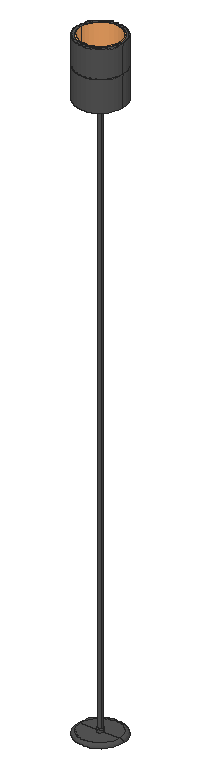
Revit family "MELO CYLINDER PENDANT LIGHT", category Lighting Fixtures, host Face, Revit 2020 (continued)
Types (16): name | Wattage_Input | Wattage Comments | Wattage | Voltage_Input | Size 08 | Size 06 | Size 04 | Selectable Wattage | Photometric Web File | Pendent Rod Length_1 | Pendent | Order number | built-in parameter 1150142 | Model | built-in parameter 1150105 | Lumens | built-in parameter 1150106 | Fixture Diameter | Canopy for Surface Mount J-box | Canopy for Recessed J-Box | Canopy Height | C2 H | C1 H | BEAMING ANGLE
  MELO08R-SP30801-10D-60-GD-BK | 58 W | "58W/44W/29W" | 40.3926 W | 0 V | yes | no | no | 58 W | "MELO08R_SP30801_10D_60.IES" | 4' - 0" | yes | "17302" | "IESNA:LM-63-2002\r\n[TEST] \r\n[TESTLAB] EVERFINE\r\n[TESTDATE] 2023-03-20\r\n[ISSUEDATE] 2023-03-22 09:17:43\r\n[NEARFIELD] \r\n[LAMPPOSITION] 0,0\r\n[OTHER] EVERFINE GO-2000B_V1 SYSTEM\r\n[MANUFAC] Aboveall lighting\r\n[LUMINAIRE] MELO08R-SP30801-10D-60\r\n[OTHER] \r\n[OTHER] Gamma(deg)    Fz(lm)      Ft(lm)     %Lum    %Lamp\r\n[OTHER]   0- 10       670.63      670.63    11.18    11.18\r\n[OTHER]  10- 20      1791.47     2462.10    41.03    41.03\r\n[OTHER]  20- 30      2167.14     4629.24    77.15    77.15\r\n[OTHER]  30- 40      1025.31     5654.55    94.23    94.23\r\n[OTHER]  40- 50       165.08     5819.63    96.98    96.98\r\n[OTHER]  50- 60        72.46     5892.09    98.19    98.19\r\n[OTHER]  60- 70        52.95     5945.04    99.07    99.07\r\n[OTHER]  70- 80        30.57     5975.61    99.58    99.58\r\n[OTHER]  80- 90         8.85     5984.46    99.73    99.73\r\n[OTHER]  90-100         0.21     5984.67    99.73    99.73\r\n[OTHER] 100-110         0.23     5984.89    99.74    99.74\r\n[OTHER] 110-120         0.31     5985.20    99.74    99.74\r\n[OTHER] 120-130         0.60     5985.80    99.75    99.75\r\n[OTHER] 130-140         1.77     5987.56    99.78    99.78\r\n[OTHER] 140-150         3.53     5991.09    99.84    99.84\r\n[OTHER] 150-160         4.37     5995.46    99.91    99.91\r\n[OTHER] 160-170         3.69     5999.15    99.98    99.98\r\n[OTHER] 170-180         1.46     6000.61   100.00   100.00\r\n[OTHER] \r\nTILT=NONE\r\n1 -1 1 181 25 1 2 -0.185 -0.185 0.000\r\n1.000 1 62.7\r\n0.0    1.0    2.0    3.0    4.0    5.0    6.0    7.0    8.0    9.0    \r\n 10.0   11.0   12.0   13.0   14.0   15.0   16.0   17.0   18.0   19.0   \r\n 20.0   21.0   22.0   23.0   24.0   25.0   26.0   27.0   28.0   29.0   \r\n 30.0   31.0   32.0   33.0   34.0   35.0   36.0   37.0   38.0   39.0   \r\n 40.0   41.0   42.0   43.0   44.0   45.0   46.0   47.0   48.0   49.0   \r\n 50.0   51.0   52.0   53.0   54.0   55.0   56.0   57.0   58.0   59.0   \r\n 60.0   61.0   62.0   63.0   64.0   65.0   66.0   67.0   68.0   69.0   \r\n 70.0   71.0   72.0   73.0   74.0   75.0   76.0   77.0   78.0   79.0   \r\n 80.0   81.0   82.0   83.0   84.0   85.0   86.0   87.0   88.0   89.0   \r\n 90.0   91.0   92.0   93.0   94.0   95.0   96.0   97.0   98.0   99.0   \r\n 100.0  101.0  102.0  103.0  104.0  105.0  106.0  107.0  108.0  109.0  \r\n 110.0  111.0  112.0  113.0  114.0  115.0  116.0  117.0  118.0  119.0  \r\n 120.0  121.0  122.0  123.0  124.0  125.0  126.0  127.0  128.0  129.0  \r\n 130.0  131.0  132.0  133.0  134.0  135.0  136.0  137.0  138.0  139.0  \r\n 140.0  141.0  142.0  143.0  144.0  145.0  146.0  147.0  148.0  149.0  \r\n 150.0  151.0  152.0  153.0  154.0  155.0  156.0  157.0  158.0  159.0  \r\n 160.0  161.0  162.0  163.0  164.0  165.0  166.0  167.0  168.0  169.0  \r\n 170.0  171.0  172.0  173.0  174.0  175.0  176.0  177.0  178.0  179.0  \r\n 180.0  \r\n0.0    15.0   30.0   45.0   60.0   75.0   90.0   105.0  120.0  135.0  \r\n 150.0  165.0  180.0  195.0  210.0  225.0  240.0  255.0  270.0  285.0  \r\n 300.0  315.0  330.0  345.0  360.0  \r\n7333.70  7290.86  7235.05  7168.79  7095.38  7021.62  6925.19  6827.07  6734.55  6652.88  \r\n 6582.11  6521.78  6459.70  6394.31  6320.90  6227.24  6120.99  6001.68  5865.35  5705.85  \r\n 5550.30  5377.92  5176.76  4949.01  4677.82  4369.57  4021.52  3644.98  3266.67  2901.91  \r\n 2544.35  2194.37  1873.07  1613.03  1391.67  1154.72  832.15   576.91   413.36   322.62   \r\n 268.15   231.88   205.60   185.74   169.33   154.88   141.83   128.78   112.10   99.30    \r\n 90.41    84.08    80.26    77.76    75.71    73.79    71.80    69.77    67.74    64.82    \r\n 62.41    60.00    57.53    55.06    52.58    50.03    47.51    44.95    42.40    39.89    \r\n 37.37    34.86    32.38    29.94    27.57    25.24    22.95    20.69    18.49    16.40    \r\n 14.33    12.30    10.39    8.48     6.64     4.87     3.17     1.54     0.23     0.18     \r\n 0.17     0.17     0.17     0.17     0.17     0.17     0.17     0.17     0.18     0.19     \r\n 0.19     0.21     0.22     0.22     0.22     0.22     0.23     0.24     0.24     0.25     \r\n 0.26     0.29     0.29     0.29     0.31     0.32     0.36     0.36     0.37     0.39     \r\n 0.45     0.46     0.51     0.61     0.65     0.74     0.83     0.96     1.10     1.26     \r\n 1.44     1.64     1.85     2.09     2.36     2.65     2.97     3.27     3.61     3.95     \r\n 4.32     4.69     5.06     5.44     5.83     6.23     6.60     6.98     7.36     7.74     \r\n 8.11     8.55     9.41     10.80    11.35    10.57    10.69    10.91    11.22    11.61    \r\n 12.00    12.37    12.75    13.12    13.45    13.79    14.08    14.35    14.59    14.79    \r\n 14.99    15.15    15.30    15.42    15.53    15.64    15.73    15.79    15.82    15.84    \r\n 15.84    \r\n7317.63  7285.73  7237.71  7174.60  7105.30  7027.44  6938.70  6841.03  6743.24  6656.60  \r\n 6585.11  6525.87  6469.48  6415.77  6347.27  6253.22  6139.36  6017.48  5891.59  5740.25  \r\n 5583.28  5421.44  5237.71  5022.63  4770.05  4476.19  4138.42  3777.03  3403.56  3042.88  \r\n 2682.31  2338.62  2006.58  1726.65  1502.81  1294.68  977.99   685.06   484.73   363.69   \r\n 306.08   248.66   217.50   194.89   176.66   161.09   147.11   134.58   120.26   103.99   \r\n 94.13    86.51    81.35    78.31    76.07    74.04    72.17    70.19    68.24    65.49    \r\n 62.96    60.60    58.14    55.72    53.22    50.74    48.23    45.70    43.19    40.66    \r\n 38.13    35.64    33.20    30.70    28.39    25.99    23.70    21.47    19.26    17.15    \r\n 15.05    13.02    11.07    9.21     7.35     5.58     3.87     2.18     0.64     0.15     \r\n 0.16     0.16     0.17     0.18     0.17     0.18     0.19     0.19     0.19     0.20     \r\n 0.21     0.21     0.22     0.23     0.24     0.24     0.25     0.26     0.27     0.27     \r\n 0.29     0.30     0.31     0.32     0.33     0.35     0.35     0.37     0.40     0.41     \r\n 0.44     0.47     0.51     0.57     0.64     0.72     0.80     0.92     1.04     1.19     \r\n 1.35     1.55     1.75     1.97     2.23     2.50     2.80     3.10     3.42     3.77     \r\n 4.13     4.49     4.86     5.25     5.62     6.02     6.40     6.77     7.16     7.54     \r\n 7.91     8.27     8.68     9.07     9.52     9.86     10.25    10.62    10.99    11.38    \r\n 11.77    12.16    12.55    12.93    13.29    13.63    13.93    14.22    14.45    14.67    \r\n 14.90    15.08    15.25    15.39    15.53    15.64    15.73    15.80    15.84    15.84    \r\n 15.84    \r\n7298.02  7274.07  7235.82  7178.18  7113.30  7039.63  6956.78  6864.92  6760.29  6673.32  \r\n 6597.81  6542.58  6488.52  6427.91  6364.41  6280.70  6183.44  6069.39  5947.17  5809.87  \r\n 5655.04  5498.61  5329.03  5133.04  4906.75  4627.13  4303.30  3948.53  3579.86  3202.58  \r\n 2838.30  2489.18  2143.99  1844.31  1593.44  1347.48  1101.56  787.91   547.95   400.00   \r\n 315.37   263.98   228.61   203.21   183.27   166.65   152.51   138.25   125.78   107.96   \r\n 97.20    88.33    82.41    78.87    76.43    74.28    72.32    70.27    68.29    66.10    \r\n 63.41    61.06    58.64    56.21    53.78    51.28    48.80    46.30    43.79    41.29    \r\n 38.81    36.32    33.86    31.44    29.07    26.72    24.46    22.17    19.98    17.86    \r\n 15.76    13.73    11.77    9.86     8.00     6.20     4.46     2.79     1.20     0.19     \r\n 0.17     0.17     0.17     0.17     0.17     0.17     0.17     0.17     0.17     0.17     \r\n 0.18     0.19     0.21     0.22     0.22     0.22     0.22     0.23     0.23     0.24     \r\n 0.25     0.28     0.29     0.29     0.30     0.30     0.32     0.35     0.36     0.37     \r\n 0.39     0.43     0.46     0.51     0.58     0.67     0.73     0.84     0.96     1.10     \r\n 1.26     1.44     1.64     1.85     2.09     2.36     2.65     2.96     3.27     3.61     \r\n 3.95     4.30     4.67     5.05     5.42     5.81     6.19     6.56     6.93     7.31     \r\n 7.68     8.04     8.43     8.80     9.18     9.58     9.99     10.37    10.77    11.17    \r\n 11.56    11.95    12.35    12.73    13.05    13.39    13.69    13.97    14.23    14.46    \r\n 14.70    14.89    15.08    15.24    15.40    15.52    15.64    15.73    15.78    15.82    \r\n 15.84    \r\n7282.25  7271.22  7244.97  7198.92  7146.17  7079.67  6999.92  6909.78  6814.31  6723.30  \r\n 6634.88  6576.19  6528.74  6476.49  6412.96  6349.75  6269.38  6163.13  6051.54  5921.85  \r\n 5773.86  5615.96  5455.05  5271.36  5061.93  4811.70  4519.25  4181.97  3824.80  3449.92  \r\n 3088.09  2726.37  2377.61  2044.48  1755.14  1514.34  1305.78  983.91   687.95   483.38   \r\n 364.85   306.56   248.46   217.01   193.91   175.69   159.94   146.10   133.56   119.37   \r\n 103.31   93.57    85.84    80.52    77.61    74.86    72.75    70.68    68.61    66.70    \r\n 64.37    62.00    59.58    57.22    54.77    52.35    49.89    47.41    44.95    42.46    \r\n 39.94    37.50    35.07    32.60    30.28    27.89    25.58    23.35    21.11    18.98    \r\n 16.84    14.81    12.79    10.92    9.03     7.21     5.49     3.77     2.15     0.59     \r\n 0.15     0.15     0.15     0.15     0.16     0.16     0.18     0.18     0.18     0.19     \r\n 0.20     0.20     0.21     0.21     0.22     0.23     0.24     0.24     0.25     0.26     \r\n 0.28     0.28     0.29     0.30     0.31     0.33     0.34     0.35     0.36     0.39     \r\n 0.41     0.43     0.47     0.50     0.57     0.64     0.71     0.80     0.91     1.03     \r\n 1.18     1.35     1.54     1.73     1.96     2.21     2.49     2.77     3.09     3.40     \r\n 3.74     4.09     4.44     4.81     5.18     5.56     5.94     6.33     6.70     7.08     \r\n 7.46     7.83     8.21     8.58     8.96     9.34     9.73     10.12    10.52    10.91    \r\n 11.29    11.69    12.09    12.48    12.85    13.19    13.53    13.85    14.13    14.39    \r\n 14.64    14.87    15.06    15.24    15.42    15.56    15.68    15.78    15.85    15.86    \r\n 15.84    \r\n7268.00  7266.25  7242.77  7211.56  7165.73  7101.14  7031.51  6950.58  6859.20  6768.17  \r\n 6678.08  6617.06  6565.28  6507.51  6449.20  6388.54  6308.36  6206.23  6091.18  5966.61  \r\n 5826.93  5679.10  5525.55  5348.50  5150.08  4915.32  4634.18  4308.40  3960.22  3586.93  \r\n 3205.85  2846.69  2498.57  2168.85  1869.36  1616.15  1394.88  1103.30  810.97   570.20   \r\n 415.39   328.10   273.73   236.30   209.35   188.27   171.03   155.91   141.88   127.86   \r\n 109.58   98.23    89.33    82.71    78.33    75.53    73.08    71.03    68.97    66.96    \r\n 64.85    62.42    60.05    57.67    55.27    52.84    50.40    47.95    45.49    43.04    \r\n 40.57    38.11    35.68    33.29    30.92    28.57    26.29    24.02    21.81    19.69    \r\n 17.56    15.49    13.53    11.57    9.71     7.84     6.08     4.38     2.74     1.16     \r\n 0.18     0.16     0.16     0.16     0.16     0.16     0.16     0.16     0.16     0.16     \r\n 0.17     0.18     0.19     0.21     0.21     0.21     0.22     0.22     0.22     0.23     \r\n 0.23     0.24     0.26     0.28     0.29     0.29     0.30     0.31     0.34     0.36     \r\n 0.37     0.39     0.44     0.46     0.51     0.58     0.66     0.73     0.83     0.95     \r\n 1.10     1.25     1.44     1.64     1.85     2.08     2.35     2.63     2.93     3.25     \r\n 3.57     3.93     4.27     4.64     5.00     5.39     5.77     6.16     6.54     6.92     \r\n 7.30     7.67     8.04     8.40     8.78     9.15     9.54     9.92     10.31    10.70    \r\n 11.10    11.48    11.91    12.31    12.68    13.05    13.40    13.73    14.03    14.34    \r\n 14.56    14.78    14.99    15.15    15.32    15.46    15.59    15.68    15.75    15.77    \r\n 15.84    \r\n7252.54  7260.02  7254.15  7227.96  7189.00  7140.95  7075.49  7007.07  6923.37  6837.98  \r\n 6746.10  6665.61  6599.32  6542.35  6476.49  6414.72  6338.22  6244.20  6135.14  6023.56  \r\n 5911.97  5778.17  5631.08  5469.22  5284.44  5058.45  4796.38  4494.04  4156.82  3805.65  \r\n 3421.02  3067.66  2714.43  2378.29  2057.06  1778.38  1553.22  1339.76  1020.75  728.99   \r\n 524.38   399.13   325.45   281.54   237.78   211.23   190.05   172.15   156.28   142.16   \r\n 126.28   108.94   98.12    88.86    82.22    77.40    74.44    71.84    69.83    67.89    \r\n 66.00    63.57    60.99    58.65    56.23    53.88    51.45    49.02    46.57    44.14    \r\n 41.67    39.25    36.84    34.38    32.06    29.68    27.38    25.14    22.88    20.74    \r\n 18.59    16.53    14.51    12.56    10.70    8.85     7.08     5.34     3.68     2.04     \r\n 0.55     0.14     0.14     0.14     0.14     0.15     0.16     0.17     0.17     0.18     \r\n 0.19     0.19     0.20     0.21     0.22     0.22     0.23     0.24     0.25     0.25     \r\n 0.26     0.27     0.28     0.28     0.30     0.31     0.33     0.34     0.35     0.37     \r\n 0.39     0.41     0.43     0.48     0.51     0.57     0.63     0.71     0.79     0.90     \r\n 1.02     1.17     1.34     1.52     1.72     1.94     2.20     2.46     2.74     3.05     \r\n 3.37     3.71     4.05     4.41     4.77     5.15     5.53     5.92     6.30     6.67     \r\n 7.05     7.41     7.79     8.16     8.54     8.91     9.31     9.69     10.09    10.49    \r\n 10.89    11.28    11.70    12.10    12.49    12.88    13.25    13.59    13.90    14.19    \r\n 14.47    14.70    14.91    15.07    15.23    15.36    15.50    15.60    15.68    15.72    \r\n 15.84    \r\n7471.12  7483.25  7477.88  7459.20  7424.02  7380.21  7321.29  7251.54  7177.70  7095.04  \r\n 6996.96  6904.26  6832.29  6768.22  6698.99  6628.19  6544.60  6448.71  6343.44  6236.02  \r\n 6119.21  5985.32  5833.02  5670.55  5478.54  5244.96  4983.22  4678.52  4346.69  3980.48  \r\n 3598.12  3229.82  2861.73  2513.93  2180.80  1892.80  1654.30  1433.43  1097.97  795.20   \r\n 569.43   434.28   353.86   306.08   258.49   229.21   206.03   186.37   169.12   153.80   \r\n 137.38   118.68   106.89   96.79    88.53    82.71    77.58    74.49    72.46    70.39    \r\n 68.46    65.81    63.11    60.68    58.21    55.70    53.20    50.72    48.20    45.66    \r\n 43.13    40.61    38.09    35.60    33.15    30.73    28.36    25.99    23.71    21.45    \r\n 19.29    17.14    15.09    13.05    11.10    9.22     7.38     5.60     3.87     2.19     \r\n 0.63     0.13     0.13     0.14     0.14     0.14     0.15     0.16     0.17     0.18     \r\n 0.18     0.19     0.19     0.21     0.21     0.22     0.22     0.23     0.24     0.25     \r\n 0.26     0.27     0.27     0.29     0.30     0.31     0.32     0.33     0.35     0.36     \r\n 0.39     0.41     0.43     0.46     0.50     0.55     0.62     0.71     0.80     0.92     \r\n 1.04     1.21     1.38     1.58     1.80     2.06     2.32     2.63     2.94     3.28     \r\n 3.64     4.01     4.37     4.77     5.16     5.56     5.96     6.37     6.76     7.16     \r\n 7.54     7.94     8.32     8.69     9.07     9.44     9.82     10.19    10.56    10.94    \r\n 11.30    11.69    12.09    12.48    12.85    13.21    13.57    13.92    14.23    14.52    \r\n 14.78    15.01    15.22    15.39    15.57    15.70    15.86    15.98    16.06    16.12    \r\n 15.84    \r\n7443.71  7459.49  7461.02  7448.80  7423.77  7386.04  7328.39  7258.81  7182.08  7097.75  \r\n 6998.79  6905.82  6822.77  6754.38  6689.40  6618.33  6535.68  6438.16  6341.43  6234.38  \r\n 6115.96  5986.16  5837.92  5674.48  5493.52  5284.66  5046.41  4765.41  4462.67  4115.58  \r\n 3753.97  3378.14  3013.45  2655.45  2313.48  2006.45  1742.98  1516.55  1201.87  886.52   \r\n 629.42   464.46   371.30   310.85   267.29   235.06   209.97   188.98   170.98   154.64   \r\n 136.37   118.09   106.09   95.55    87.52    81.77    77.38    74.77    72.45    70.38    \r\n 68.48    66.23    63.26    60.83    58.38    55.92    53.45    50.96    48.47    45.97    \r\n 43.43    40.98    38.45    36.03    33.52    31.17    28.78    26.48    24.17    21.92    \r\n 19.76    17.64    15.60    13.51    11.57    9.70     7.79     6.05     4.20     2.57     \r\n 1.07     0.15     0.14     0.14     0.14     0.14     0.14     0.14     0.14     0.14    
